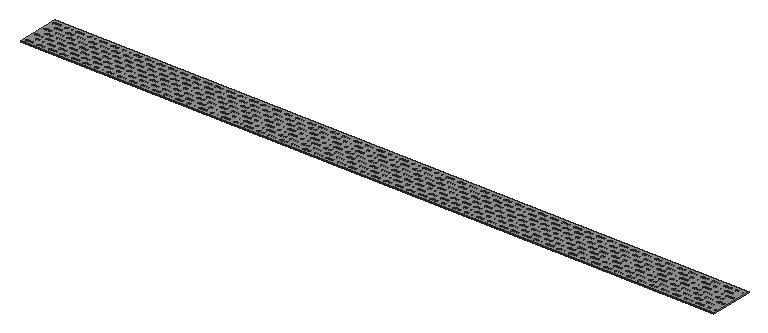
Revit family "Einlegeblech_185_FS_FT_DD_A2", category Generic Models, Revit 2017
Family settings
  Can host rebar = No
  Round Connector Dimension = Use Diameter
  Part Type = Normal
  Work Plane-Based = No
  Always vertical = Yes
  Cut with Voids When Loaded = No
  Shared = No
  Room Calculation Point = No
Parameters (values of type "ELB-L 20 DD")
  Width = 185 mm
  URL = "http:/www.obo-bettermann.com"
  Material = Strip galvanised zinc/aluminium, Double Dip
  Manufacturer Art.No. = "6103352"
  Manufacturer = "OBO Bettermann"
  Length = 3000 mm
  GTIN = "4012196029150"
  Cut's space = 50 mm
  Cut's number 4 = 3
  Cut's number 3 = 2
  Cut's number 2 = Length / Cut's space  # 60
  Cut's number = (Length / Cut's space) - 1  # 59
  Article Type = "ELB-L 20 DD"
Reference planes
  plane 1 "Center (Front/Back)": y = 0
  plane 2: z = 0
  plane 3 "Center (Left/Right)": x = 0
Forms (mm)
  Extrusion 1, solid, material "Strip galvanised zinc/aluminium, Double Dip" <- "Material"
    sketch origin (0, 0, 0) x (1, 0, 0) y (0, 1, 0)
      loop
        line (0, 185) -> (0, 0) -> (3000, 0) -> (3000, 185) -> (0, 185)
    from 0 to 1.15
  Extrusion 2, void
    sketch origin (0, 0, 0) x (1, 0, 0) y (0, 1, 0)
      loop
        arc (37.5, 96) -> (34, 92.5) -> (37.5, 89) r 3.5
        line (37.5, 89) -> (62.5, 89)
        arc (62.5, 89) -> (66, 92.5) -> (62.5, 96) r 3.5
        line (62.5, 96) -> (37.5, 96)
    from 0 to 1.15
  Extrusion 3, void
    sketch origin (50, 0, 0) x (1, 0, 0) y (0, 1, 0)
      loop
        arc (37.5, 96) -> (34, 92.5) -> (37.5, 89) r 3.5
        line (37.5, 89) -> (62.5, 89)
        arc (62.5, 89) -> (66, 92.5) -> (62.5, 96) r 3.5
        line (62.5, 96) -> (37.5, 96)
    from 0 to 1.15
  Extrusion 4, void
    sketch origin (100, 0, 0) x (1, 0, 0) y (0, 1, 0)
      loop
        arc (37.5, 96) -> (34, 92.5) -> (37.5, 89) r 3.5
        line (37.5, 89) -> (62.5, 89)
        arc (62.5, 89) -> (66, 92.5) -> (62.5, 96) r 3.5
        line (62.5, 96) -> (37.5, 96)
    from 0 to 1.15
  Extrusion 5, void
    sketch origin (150, 0, 0) x (1, 0, 0) y (0, 1, 0)
      loop
        arc (37.5, 96) -> (34, 92.5) -> (37.5, 89) r 3.5
        line (37.5, 89) -> (62.5, 89)
        arc (62.5, 89) -> (66, 92.5) -> (62.5, 96) r 3.5
        line (62.5, 96) -> (37.5, 96)
    from 0 to 1.15
  Extrusion 6, void
    sketch origin (200, 0, 0) x (1, 0, 0) y (0, 1, 0)
      loop
        arc (37.5, 96) -> (34, 92.5) -> (37.5, 89) r 3.5
        line (37.5, 89) -> (62.5, 89)
        arc (62.5, 89) -> (66, 92.5) -> (62.5, 96) r 3.5
        line (62.5, 96) -> (37.5, 96)
    from 0 to 1.15
  Extrusion 7, void
    sketch origin (250, 0, 0) x (1, 0, 0) y (0, 1, 0)
      loop
        arc (37.5, 96) -> (34, 92.5) -> (37.5, 89) r 3.5
        line (37.5, 89) -> (62.5, 89)
        arc (62.5, 89) -> (66, 92.5) -> (62.5, 96) r 3.5
        line (62.5, 96) -> (37.5, 96)
    from 0 to 1.15
  Extrusion 8, void
    sketch origin (300, 0, 0) x (1, 0, 0) y (0, 1, 0)
      loop
        arc (37.5, 96) -> (34, 92.5) -> (37.5, 89) r 3.5
        line (37.5, 89) -> (62.5, 89)
        arc (62.5, 89) -> (66, 92.5) -> (62.5, 96) r 3.5
        line (62.5, 96) -> (37.5, 96)
    from 0 to 1.15
  Extrusion 9, void
    sketch origin (350, 0, 0) x (1, 0, 0) y (0, 1, 0)
      loop
        arc (37.5, 96) -> (34, 92.5) -> (37.5, 89) r 3.5
        line (37.5, 89) -> (62.5, 89)
        arc (62.5, 89) -> (66, 92.5) -> (62.5, 96) r 3.5
        line (62.5, 96) -> (37.5, 96)
    from 0 to 1.15
  Extrusion 10, void
    sketch origin (400, 0, 0) x (1, 0, 0) y (0, 1, 0)
      loop
        arc (37.5, 96) -> (34, 92.5) -> (37.5, 89) r 3.5
        line (37.5, 89) -> (62.5, 89)
        arc (62.5, 89) -> (66, 92.5) -> (62.5, 96) r 3.5
        line (62.5, 96) -> (37.5, 96)
    from 0 to 1.15
  Extrusion 11, void
    sketch origin (450, 0, 0) x (1, 0, 0) y (0, 1, 0)
      loop
        arc (37.5, 96) -> (34, 92.5) -> (37.5, 89) r 3.5
        line (37.5, 89) -> (62.5, 89)
        arc (62.5, 89) -> (66, 92.5) -> (62.5, 96) r 3.5
        line (62.5, 96) -> (37.5, 96)
    from 0 to 1.15
  Extrusion 12, void
    sketch origin (500, 0, 0) x (1, 0, 0) y (0, 1, 0)
      loop
        arc (37.5, 96) -> (34, 92.5) -> (37.5, 89) r 3.5
        line (37.5, 89) -> (62.5, 89)
        arc (62.5, 89) -> (66, 92.5) -> (62.5, 96) r 3.5
        line (62.5, 96) -> (37.5, 96)
    from 0 to 1.15
  Extrusion 13, void
    sketch origin (550, 0, 0) x (1, 0, 0) y (0, 1, 0)
      loop
        arc (37.5, 96) -> (34, 92.5) -> (37.5, 89) r 3.5
        line (37.5, 89) -> (62.5, 89)
        arc (62.5, 89) -> (66, 92.5) -> (62.5, 96) r 3.5
        line (62.5, 96) -> (37.5, 96)
    from 0 to 1.15
  Extrusion 14, void
    sketch origin (600, 0, 0) x (1, 0, 0) y (0, 1, 0)
      loop
        arc (37.5, 96) -> (34, 92.5) -> (37.5, 89) r 3.5
        line (37.5, 89) -> (62.5, 89)
        arc (62.5, 89) -> (66, 92.5) -> (62.5, 96) r 3.5
        line (62.5, 96) -> (37.5, 96)
    from 0 to 1.15
  Extrusion 15, void
    sketch origin (650, 0, 0) x (1, 0, 0) y (0, 1, 0)
      loop
        arc (37.5, 96) -> (34, 92.5) -> (37.5, 89) r 3.5
        line (37.5, 89) -> (62.5, 89)
        arc (62.5, 89) -> (66, 92.5) -> (62.5, 96) r 3.5
        line (62.5, 96) -> (37.5, 96)
    from 0 to 1.15
  Extrusion 16, void
    sketch origin (700, 0, 0) x (1, 0, 0) y (0, 1, 0)
      loop
        arc (37.5, 96) -> (34, 92.5) -> (37.5, 89) r 3.5
        line (37.5, 89) -> (62.5, 89)
        arc (62.5, 89) -> (66, 92.5) -> (62.5, 96) r 3.5
        line (62.5, 96) -> (37.5, 96)
    from 0 to 1.15
  Extrusion 17, void
    sketch origin (750, 0, 0) x (1, 0, 0) y (0, 1, 0)
      loop
        arc (37.5, 96) -> (34, 92.5) -> (37.5, 89) r 3.5
        line (37.5, 89) -> (62.5, 89)
        arc (62.5, 89) -> (66, 92.5) -> (62.5, 96) r 3.5
        line (62.5, 96) -> (37.5, 96)
    from 0 to 1.15
  Extrusion 18, void
    sketch origin (800, 0, 0) x (1, 0, 0) y (0, 1, 0)
      loop
        arc (37.5, 96) -> (34, 92.5) -> (37.5, 89) r 3.5
        line (37.5, 89) -> (62.5, 89)
        arc (62.5, 89) -> (66, 92.5) -> (62.5, 96) r 3.5
        line (62.5, 96) -> (37.5, 96)
    from 0 to 1.15
  Extrusion 19, void
    sketch origin (850, 0, 0) x (1, 0, 0) y (0, 1, 0)
      loop
        arc (37.5, 96) -> (34, 92.5) -> (37.5, 89) r 3.5
        line (37.5, 89) -> (62.5, 89)
        arc (62.5, 89) -> (66, 92.5) -> (62.5, 96) r 3.5
        line (62.5, 96) -> (37.5, 96)
    from 0 to 1.15
  Extrusion 20, void
    sketch origin (900, 0, 0) x (1, 0, 0) y (0, 1, 0)
      loop
        arc (37.5, 96) -> (34, 92.5) -> (37.5, 89) r 3.5
        line (37.5, 89) -> (62.5, 89)
        arc (62.5, 89) -> (66, 92.5) -> (62.5, 96) r 3.5
        line (62.5, 96) -> (37.5, 96)
    from 0 to 1.15
  Extrusion 21, void
    sketch origin (950, 0, 0) x (1, 0, 0) y (0, 1, 0)
      loop
        arc (37.5, 96) -> (34, 92.5) -> (37.5, 89) r 3.5
        line (37.5, 89) -> (62.5, 89)
        arc (62.5, 89) -> (66, 92.5) -> (62.5, 96) r 3.5
        line (62.5, 96) -> (37.5, 96)
    from 0 to 1.15
  Extrusion 22, void
    sketch origin (1000, 0, 0) x (1, 0, 0) y (0, 1, 0)
      loop
        arc (37.5, 96) -> (34, 92.5) -> (37.5, 89) r 3.5
        line (37.5, 89) -> (62.5, 89)
        arc (62.5, 89) -> (66, 92.5) -> (62.5, 96) r 3.5
        line (62.5, 96) -> (37.5, 96)
    from 0 to 1.15
  Extrusion 23, void
    sketch origin (1050, 0, 0) x (1, 0, 0) y (0, 1, 0)
      loop
        arc (37.5, 96) -> (34, 92.5) -> (37.5, 89) r 3.5
        line (37.5, 89) -> (62.5, 89)
        arc (62.5, 89) -> (66, 92.5) -> (62.5, 96) r 3.5
        line (62.5, 96) -> (37.5, 96)
    from 0 to 1.15
  Extrusion 24, void
    sketch origin (1100, 0, 0) x (1, 0, 0) y (0, 1, 0)
      loop
        arc (37.5, 96) -> (34, 92.5) -> (37.5, 89) r 3.5
        line (37.5, 89) -> (62.5, 89)
        arc (62.5, 89) -> (66, 92.5) -> (62.5, 96) r 3.5
        line (62.5, 96) -> (37.5, 96)
    from 0 to 1.15
  Extrusion 25, void
    sketch origin (1150, 0, 0) x (1, 0, 0) y (0, 1, 0)
      loop
        arc (37.5, 96) -> (34, 92.5) -> (37.5, 89) r 3.5
        line (37.5, 89) -> (62.5, 89)
        arc (62.5, 89) -> (66, 92.5) -> (62.5, 96) r 3.5
        line (62.5, 96) -> (37.5, 96)
    from 0 to 1.15
  Extrusion 26, void
    sketch origin (1200, 0, 0) x (1, 0, 0) y (0, 1, 0)
      loop
        arc (37.5, 96) -> (34, 92.5) -> (37.5, 89) r 3.5
        line (37.5, 89) -> (62.5, 89)
        arc (62.5, 89) -> (66, 92.5) -> (62.5, 96) r 3.5
        line (62.5, 96) -> (37.5, 96)
    from 0 to 1.15
  Extrusion 27, void
    sketch origin (1250, 0, 0) x (1, 0, 0) y (0, 1, 0)
      loop
        arc (37.5, 96) -> (34, 92.5) -> (37.5, 89) r 3.5
        line (37.5, 89) -> (62.5, 89)
        arc (62.5, 89) -> (66, 92.5) -> (62.5, 96) r 3.5
        line (62.5, 96) -> (37.5, 96)
    from 0 to 1.15
  Extrusion 28, void
    sketch origin (1300, 0, 0) x (1, 0, 0) y (0, 1, 0)
      loop
        arc (37.5, 96) -> (34, 92.5) -> (37.5, 89) r 3.5
        line (37.5, 89) -> (62.5, 89)
        arc (62.5, 89) -> (66, 92.5) -> (62.5, 96) r 3.5
        line (62.5, 96) -> (37.5, 96)
    from 0 to 1.15
  Extrusion 29, void
    sketch origin (1350, 0, 0) x (1, 0, 0) y (0, 1, 0)
      loop
        arc (37.5, 96) -> (34, 92.5) -> (37.5, 89) r 3.5
        line (37.5, 89) -> (62.5, 89)
        arc (62.5, 89) -> (66, 92.5) -> (62.5, 96) r 3.5
        line (62.5, 96) -> (37.5, 96)
    from 0 to 1.15
  Extrusion 30, void
    sketch origin (1400, 0, 0) x (1, 0, 0) y (0, 1, 0)
      loop
        arc (37.5, 96) -> (34, 92.5) -> (37.5, 89) r 3.5
        line (37.5, 89) -> (62.5, 89)
        arc (62.5, 89) -> (66, 92.5) -> (62.5, 96) r 3.5
        line (62.5, 96) -> (37.5, 96)
    from 0 to 1.15
  Extrusion 31, void
    sketch origin (1450, 0, 0) x (1, 0, 0) y (0, 1, 0)
      loop
        arc (37.5, 96) -> (34, 92.5) -> (37.5, 89) r 3.5
        line (37.5, 89) -> (62.5, 89)
        arc (62.5, 89) -> (66, 92.5) -> (62.5, 96) r 3.5
        line (62.5, 96) -> (37.5, 96)
    from 0 to 1.15
  Extrusion 32, void
    sketch origin (1500, 0, 0) x (1, 0, 0) y (0, 1, 0)
      loop
        arc (37.5, 96) -> (34, 92.5) -> (37.5, 89) r 3.5
        line (37.5, 89) -> (62.5, 89)
        arc (62.5, 89) -> (66, 92.5) -> (62.5, 96) r 3.5
        line (62.5, 96) -> (37.5, 96)
    from 0 to 1.15
  Extrusion 33, void
    sketch origin (1550, 0, 0) x (1, 0, 0) y (0, 1, 0)
      loop
        arc (37.5, 96) -> (34, 92.5) -> (37.5, 89) r 3.5
        line (37.5, 89) -> (62.5, 89)
        arc (62.5, 89) -> (66, 92.5) -> (62.5, 96) r 3.5
        line (62.5, 96) -> (37.5, 96)
    from 0 to 1.15
  Extrusion 34, void
    sketch origin (1600, 0, 0) x (1, 0, 0) y (0, 1, 0)
      loop
        arc (37.5, 96) -> (34, 92.5) -> (37.5, 89) r 3.5
        line (37.5, 89) -> (62.5, 89)
        arc (62.5, 89) -> (66, 92.5) -> (62.5, 96) r 3.5
        line (62.5, 96) -> (37.5, 96)
    from 0 to 1.15
  Extrusion 35, void
    sketch origin (1650, 0, 0) x (1, 0, 0) y (0, 1, 0)
      loop
        arc (37.5, 96) -> (34, 92.5) -> (37.5, 89) r 3.5
        line (37.5, 89) -> (62.5, 89)
        arc (62.5, 89) -> (66, 92.5) -> (62.5, 96) r 3.5
        line (62.5, 96) -> (37.5, 96)
    from 0 to 1.15
  Extrusion 36, void
    sketch origin (1700, 0, 0) x (1, 0, 0) y (0, 1, 0)
      loop
        arc (37.5, 96) -> (34, 92.5) -> (37.5, 89) r 3.5
        line (37.5, 89) -> (62.5, 89)
        arc (62.5, 89) -> (66, 92.5) -> (62.5, 96) r 3.5
        line (62.5, 96) -> (37.5, 96)
    from 0 to 1.15
  Extrusion 37, void
    sketch origin (1750, 0, 0) x (1, 0, 0) y (0, 1, 0)
      loop
        arc (37.5, 96) -> (34, 92.5) -> (37.5, 89) r 3.5
        line (37.5, 89) -> (62.5, 89)
        arc (62.5, 89) -> (66, 92.5) -> (62.5, 96) r 3.5
        line (62.5, 96) -> (37.5, 96)
    from 0 to 1.15
  Extrusion 38, void
    sketch origin (1800, 0, 0) x (1, 0, 0) y (0, 1, 0)
      loop
        arc (37.5, 96) -> (34, 92.5) -> (37.5, 89) r 3.5
        line (37.5, 89) -> (62.5, 89)
        arc (62.5, 89) -> (66, 92.5) -> (62.5, 96) r 3.5
        line (62.5, 96) -> (37.5, 96)
    from 0 to 1.15
  Extrusion 39, void
    sketch origin (1850, 0, 0) x (1, 0, 0) y (0, 1, 0)
      loop
        arc (37.5, 96) -> (34, 92.5) -> (37.5, 89) r 3.5
        line (37.5, 89) -> (62.5, 89)
        arc (62.5, 89) -> (66, 92.5) -> (62.5, 96) r 3.5
        line (62.5, 96) -> (37.5, 96)
    from 0 to 1.15
  Extrusion 40, void
    sketch origin (1900, 0, 0) x (1, 0, 0) y (0, 1, 0)
      loop
        arc (37.5, 96) -> (34, 92.5) -> (37.5, 89) r 3.5
        line (37.5, 89) -> (62.5, 89)
        arc (62.5, 89) -> (66, 92.5) -> (62.5, 96) r 3.5
        line (62.5, 96) -> (37.5, 96)
    from 0 to 1.15
  Extrusion 41, void
    sketch origin (1950, 0, 0) x (1, 0, 0) y (0, 1, 0)
      loop
        arc (37.5, 96) -> (34, 92.5) -> (37.5, 89) r 3.5
        line (37.5, 89) -> (62.5, 89)
        arc (62.5, 89) -> (66, 92.5) -> (62.5, 96) r 3.5
        line (62.5, 96) -> (37.5, 96)
    from 0 to 1.15
  Extrusion 42, void
    sketch origin (2000, 0, 0) x (1, 0, 0) y (0, 1, 0)
      loop
        arc (37.5, 96) -> (34, 92.5) -> (37.5, 89) r 3.5
        line (37.5, 89) -> (62.5, 89)
        arc (62.5, 89) -> (66, 92.5) -> (62.5, 96) r 3.5
        line (62.5, 96) -> (37.5, 96)
    from 0 to 1.15
  Extrusion 43, void
    sketch origin (2050, 0, 0) x (1, 0, 0) y (0, 1, 0)
      loop
        arc (37.5, 96) -> (34, 92.5) -> (37.5, 89) r 3.5
        line (37.5, 89) -> (62.5, 89)
        arc (62.5, 89) -> (66, 92.5) -> (62.5, 96) r 3.5
        line (62.5, 96) -> (37.5, 96)
    from 0 to 1.15
  Extrusion 44, void
    sketch origin (2100, 0, 0) x (1, 0, 0) y (0, 1, 0)
      loop
        arc (37.5, 96) -> (34, 92.5) -> (37.5, 89) r 3.5
        line (37.5, 89) -> (62.5, 89)
        arc (62.5, 89) -> (66, 92.5) -> (62.5, 96) r 3.5
        line (62.5, 96) -> (37.5, 96)
    from 0 to 1.15
  Extrusion 45, void
    sketch origin (2150, 0, 0) x (1, 0, 0) y (0, 1, 0)
      loop
        arc (37.5, 96) -> (34, 92.5) -> (37.5, 89) r 3.5
        line (37.5, 89) -> (62.5, 89)
        arc (62.5, 89) -> (66, 92.5) -> (62.5, 96) r 3.5
        line (62.5, 96) -> (37.5, 96)
    from 0 to 1.15
  Extrusion 46, void
    sketch origin (2200, 0, 0) x (1, 0, 0) y (0, 1, 0)
      loop
        arc (37.5, 96) -> (34, 92.5) -> (37.5, 89) r 3.5
        line (37.5, 89) -> (62.5, 89)
        arc (62.5, 89) -> (66, 92.5) -> (62.5, 96) r 3.5
        line (62.5, 96) -> (37.5, 96)
    from 0 to 1.15
  Extrusion 47, void
    sketch origin (2250, 0, 0) x (1, 0, 0) y (0, 1, 0)
      loop
        arc (37.5, 96) -> (34, 92.5) -> (37.5, 89) r 3.5
        line (37.5, 89) -> (62.5, 89)
        arc (62.5, 89) -> (66, 92.5) -> (62.5, 96) r 3.5
        line (62.5, 96) -> (37.5, 96)
    from 0 to 1.15
  Extrusion 48, void
    sketch origin (2300, 0, 0) x (1, 0, 0) y (0, 1, 0)
      loop
        arc (37.5, 96) -> (34, 92.5) -> (37.5, 89) r 3.5
        line (37.5, 89) -> (62.5, 89)
        arc (62.5, 89) -> (66, 92.5) -> (62.5, 96) r 3.5
        line (62.5, 96) -> (37.5, 96)
    from 0 to 1.15
  Extrusion 49, void
    sketch origin (2350, 0, 0) x (1, 0, 0) y (0, 1, 0)
      loop
        arc (37.5, 96) -> (34, 92.5) -> (37.5, 89) r 3.5
        line (37.5, 89) -> (62.5, 89)
        arc (62.5, 89) -> (66, 92.5) -> (62.5, 96) r 3.5
        line (62.5, 96) -> (37.5, 96)
    from 0 to 1.15
  Extrusion 50, void
    sketch origin (2400, 0, 0) x (1, 0, 0) y (0, 1, 0)
      loop
        arc (37.5, 96) -> (34, 92.5) -> (37.5, 89) r 3.5
        line (37.5, 89) -> (62.5, 89)
        arc (62.5, 89) -> (66, 92.5) -> (62.5, 96) r 3.5
        line (62.5, 96) -> (37.5, 96)
    from 0 to 1.15
  Extrusion 51, void
    sketch origin (2450, 0, 0) x (1, 0, 0) y (0, 1, 0)
      loop
        arc (37.5, 96) -> (34, 92.5) -> (37.5, 89) r 3.5
        line (37.5, 89) -> (62.5, 89)
        arc (62.5, 89) -> (66, 92.5) -> (62.5, 96) r 3.5
        line (62.5, 96) -> (37.5, 96)
    from 0 to 1.15
  Extrusion 52, void
    sketch origin (2500, 0, 0) x (1, 0, 0) y (0, 1, 0)
      loop
        arc (37.5, 96) -> (34, 92.5) -> (37.5, 89) r 3.5
        line (37.5, 89) -> (62.5, 89)
        arc (62.5, 89) -> (66, 92.5) -> (62.5, 96) r 3.5
        line (62.5, 96) -> (37.5, 96)
    from 0 to 1.15
  Extrusion 53, void
    sketch origin (2550, 0, 0) x (1, 0, 0) y (0, 1, 0)
      loop
        arc (37.5, 96) -> (34, 92.5) -> (37.5, 89) r 3.5
        line (37.5, 89) -> (62.5, 89)
        arc (62.5, 89) -> (66, 92.5) -> (62.5, 96) r 3.5
        line (62.5, 96) -> (37.5, 96)
    from 0 to 1.15
  Extrusion 54, void
    sketch origin (2600, 0, 0) x (1, 0, 0) y (0, 1, 0)
      loop
        arc (37.5, 96) -> (34, 92.5) -> (37.5, 89) r 3.5
        line (37.5, 89) -> (62.5, 89)
        arc (62.5, 89) -> (66, 92.5) -> (62.5, 96) r 3.5
        line (62.5, 96) -> (37.5, 96)
    from 0 to 1.15
  Extrusion 55, void
    sketch origin (2650, 0, 0) x (1, 0, 0) y (0, 1, 0)
      loop
        arc (37.5, 96) -> (34, 92.5) -> (37.5, 89) r 3.5
        line (37.5, 89) -> (62.5, 89)
        arc (62.5, 89) -> (66, 92.5) -> (62.5, 96) r 3.5
        line (62.5, 96) -> (37.5, 96)
    from 0 to 1.15
  Extrusion 56, void
    sketch origin (2700, 0, 0) x (1, 0, 0) y (0, 1, 0)
      loop
        arc (37.5, 96) -> (34, 92.5) -> (37.5, 89) r 3.5
        line (37.5, 89) -> (62.5, 89)
        arc (62.5, 89) -> (66, 92.5) -> (62.5, 96) r 3.5
        line (62.5, 96) -> (37.5, 96)
    from 0 to 1.15
  Extrusion 57, void
    sketch origin (2750, 0, 0) x (1, 0, 0) y (0, 1, 0)
      loop
        arc (37.5, 96) -> (34, 92.5) -> (37.5, 89) r 3.5
        line (37.5, 89) -> (62.5, 89)
        arc (62.5, 89) -> (66, 92.5) -> (62.5, 96) r 3.5
        line (62.5, 96) -> (37.5, 96)
    from 0 to 1.15
  Extrusion 58, void
    sketch origin (2800, 0, 0) x (1, 0, 0) y (0, 1, 0)
      loop
        arc (37.5, 96) -> (34, 92.5) -> (37.5, 89) r 3.5
        line (37.5, 89) -> (62.5, 89)
        arc (62.5, 89) -> (66, 92.5) -> (62.5, 96) r 3.5
        line (62.5, 96) -> (37.5, 96)
    from 0 to 1.15
  Extrusion 59, void
    sketch origin (2850, 0, 0) x (1, 0, 0) y (0, 1, 0)
      loop
        arc (37.5, 96) -> (34, 92.5) -> (37.5, 89) r 3.5
        line (37.5, 89) -> (62.5, 89)
        arc (62.5, 89) -> (66, 92.5) -> (62.5, 96) r 3.5
        line (62.5, 96) -> (37.5, 96)
    from 0 to 1.15
  Extrusion 60, void
    sketch origin (2900, 0, 0) x (1, 0, 0) y (0, 1, 0)
      loop
        arc (37.5, 96) -> (34, 92.5) -> (37.5, 89) r 3.5
        line (37.5, 89) -> (62.5, 89)
        arc (62.5, 89) -> (66, 92.5) -> (62.5, 96) r 3.5
        line (62.5, 96) -> (37.5, 96)
    from 0 to 1.15
  Extrusion 61, void
    sketch origin (0, 50, 0) x (1, 0, 0) y (0, 1, 0)
      loop
        arc (37.5, 96) -> (34, 92.5) -> (37.5, 89) r 3.5
        line (37.5, 89) -> (62.5, 89)
        arc (62.5, 89) -> (66, 92.5) -> (62.5, 96) r 3.5
        line (62.5, 96) -> (37.5, 96)
    from 0 to 1.15
  Extrusion 62, void
    sketch origin (0, -50, 0) x (1, 0, 0) y (0, 1, 0)
      loop
        arc (37.5, 96) -> (34, 92.5) -> (37.5, 89) r 3.5
        line (37.5, 89) -> (62.5, 89)
        arc (62.5, 89) -> (66, 92.5) -> (62.5, 96) r 3.5
        line (62.5, 96) -> (37.5, 96)
    from 0 to 1.15
  Extrusion 63, void
    sketch origin (50, 50, 0) x (1, 0, 0) y (0, 1, 0)
      loop
        arc (37.5, 96) -> (34, 92.5) -> (37.5, 89) r 3.5
        line (37.5, 89) -> (62.5, 89)
        arc (62.5, 89) -> (66, 92.5) -> (62.5, 96) r 3.5
        line (62.5, 96) -> (37.5, 96)
    from 0 to 1.15
  Extrusion 64, void
    sketch origin (100, 50, 0) x (1, 0, 0) y (0, 1, 0)
      loop
        arc (37.5, 96) -> (34, 92.5) -> (37.5, 89) r 3.5
        line (37.5, 89) -> (62.5, 89)
        arc (62.5, 89) -> (66, 92.5) -> (62.5, 96) r 3.5
        line (62.5, 96) -> (37.5, 96)
    from 0 to 1.15
  Extrusion 65, void
    sketch origin (150, 50, 0) x (1, 0, 0) y (0, 1, 0)
      loop
        arc (37.5, 96) -> (34, 92.5) -> (37.5, 89) r 3.5
        line (37.5, 89) -> (62.5, 89)
        arc (62.5, 89) -> (66, 92.5) -> (62.5, 96) r 3.5
        line (62.5, 96) -> (37.5, 96)
    from 0 to 1.15
  Extrusion 66, void
    sketch origin (200, 50, 0) x (1, 0, 0) y (0, 1, 0)
      loop
        arc (37.5, 96) -> (34, 92.5) -> (37.5, 89) r 3.5
        line (37.5, 89) -> (62.5, 89)
        arc (62.5, 89) -> (66, 92.5) -> (62.5, 96) r 3.5
        line (62.5, 96) -> (37.5, 96)
    from 0 to 1.15
  Extrusion 67, void
    sketch origin (250, 50, 0) x (1, 0, 0) y (0, 1, 0)
      loop
        arc (37.5, 96) -> (34, 92.5) -> (37.5, 89) r 3.5
        line (37.5, 89) -> (62.5, 89)
        arc (62.5, 89) -> (66, 92.5) -> (62.5, 96) r 3.5
        line (62.5, 96) -> (37.5, 96)
    from 0 to 1.15
  Extrusion 68, void
    sketch origin (300, 50, 0) x (1, 0, 0) y (0, 1, 0)
      loop
        arc (37.5, 96) -> (34, 92.5) -> (37.5, 89) r 3.5
        line (37.5, 89) -> (62.5, 89)
        arc (62.5, 89) -> (66, 92.5) -> (62.5, 96) r 3.5
        line (62.5, 96) -> (37.5, 96)
    from 0 to 1.15
  Extrusion 69, void
    sketch origin (350, 50, 0) x (1, 0, 0) y (0, 1, 0)
      loop
        arc (37.5, 96) -> (34, 92.5) -> (37.5, 89) r 3.5
        line (37.5, 89) -> (62.5, 89)
        arc (62.5, 89) -> (66, 92.5) -> (62.5, 96) r 3.5
        line (62.5, 96) -> (37.5, 96)
    from 0 to 1.15
  Extrusion 70, void
    sketch origin (400, 50, 0) x (1, 0, 0) y (0, 1, 0)
      loop
        arc (37.5, 96) -> (34, 92.5) -> (37.5, 89) r 3.5
        line (37.5, 89) -> (62.5, 89)
        arc (62.5, 89) -> (66, 92.5) -> (62.5, 96) r 3.5
        line (62.5, 96) -> (37.5, 96)
    from 0 to 1.15
  Extrusion 71, void
    sketch origin (450, 50, 0) x (1, 0, 0) y (0, 1, 0)
      loop
        arc (37.5, 96) -> (34, 92.5) -> (37.5, 89) r 3.5
        line (37.5, 89) -> (62.5, 89)
        arc (62.5, 89) -> (66, 92.5) -> (62.5, 96) r 3.5
        line (62.5, 96) -> (37.5, 96)
    from 0 to 1.15
  Extrusion 72, void
    sketch origin (500, 50, 0) x (1, 0, 0) y (0, 1, 0)
      loop
        arc (37.5, 96) -> (34, 92.5) -> (37.5, 89) r 3.5
        line (37.5, 89) -> (62.5, 89)
        arc (62.5, 89) -> (66, 92.5) -> (62.5, 96) r 3.5
        line (62.5, 96) -> (37.5, 96)
    from 0 to 1.15
  Extrusion 73, void
    sketch origin (550, 50, 0) x (1, 0, 0) y (0, 1, 0)
      loop
        arc (37.5, 96) -> (34, 92.5) -> (37.5, 89) r 3.5
        line (37.5, 89) -> (62.5, 89)
        arc (62.5, 89) -> (66, 92.5) -> (62.5, 96) r 3.5
        line (62.5, 96) -> (37.5, 96)
    from 0 to 1.15
  Extrusion 74, void
    sketch origin (600, 50, 0) x (1, 0, 0) y (0, 1, 0)
      loop
        arc (37.5, 96) -> (34, 92.5) -> (37.5, 89) r 3.5
        line (37.5, 89) -> (62.5, 89)
        arc (62.5, 89) -> (66, 92.5) -> (62.5, 96) r 3.5
        line (62.5, 96) -> (37.5, 96)
    from 0 to 1.15
  Extrusion 75, void
    sketch origin (650, 50, 0) x (1, 0, 0) y (0, 1, 0)
      loop
        arc (37.5, 96) -> (34, 92.5) -> (37.5, 89) r 3.5
        line (37.5, 89) -> (62.5, 89)
        arc (62.5, 89) -> (66, 92.5) -> (62.5, 96) r 3.5
        line (62.5, 96) -> (37.5, 96)
    from 0 to 1.15
  Extrusion 76, void
    sketch origin (700, 50, 0) x (1, 0, 0) y (0, 1, 0)
      loop
        arc (37.5, 96) -> (34, 92.5) -> (37.5, 89) r 3.5
        line (37.5, 89) -> (62.5, 89)
        arc (62.5, 89) -> (66, 92.5) -> (62.5, 96) r 3.5
        line (62.5, 96) -> (37.5, 96)
    from 0 to 1.15
  Extrusion 77, void
    sketch origin (750, 50, 0) x (1, 0, 0) y (0, 1, 0)
      loop
        arc (37.5, 96) -> (34, 92.5) -> (37.5, 89) r 3.5
        line (37.5, 89) -> (62.5, 89)
        arc (62.5, 89) -> (66, 92.5) -> (62.5, 96) r 3.5
        line (62.5, 96) -> (37.5, 96)
    from 0 to 1.15
  Extrusion 78, void
    sketch origin (800, 50, 0) x (1, 0, 0) y (0, 1, 0)
      loop
        arc (37.5, 96) -> (34, 92.5) -> (37.5, 89) r 3.5
        line (37.5, 89) -> (62.5, 89)
        arc (62.5, 89) -> (66, 92.5) -> (62.5, 96) r 3.5
        line (62.5, 96) -> (37.5, 96)
    from 0 to 1.15
  Extrusion 79, void
    sketch origin (850, 50, 0) x (1, 0, 0) y (0, 1, 0)
      loop
        arc (37.5, 96) -> (34, 92.5) -> (37.5, 89) r 3.5
        line (37.5, 89) -> (62.5, 89)
        arc (62.5, 89) -> (66, 92.5) -> (62.5, 96) r 3.5
        line (62.5, 96) -> (37.5, 96)
    from 0 to 1.15
  Extrusion 80, void
    sketch origin (900, 50, 0) x (1, 0, 0) y (0, 1, 0)
      loop
        arc (37.5, 96) -> (34, 92.5) -> (37.5, 89) r 3.5
        line (37.5, 89) -> (62.5, 89)
        arc (62.5, 89) -> (66, 92.5) -> (62.5, 96) r 3.5
        line (62.5, 96) -> (37.5, 96)
    from 0 to 1.15
  Extrusion 81, void
    sketch origin (950, 50, 0) x (1, 0, 0) y (0, 1, 0)
      loop
        arc (37.5, 96) -> (34, 92.5) -> (37.5, 89) r 3.5
        line (37.5, 89) -> (62.5, 89)
        arc (62.5, 89) -> (66, 92.5) -> (62.5, 96) r 3.5
        line (62.5, 96) -> (37.5, 96)
    from 0 to 1.15
  Extrusion 82, void
    sketch origin (1000, 50, 0) x (1, 0, 0) y (0, 1, 0)
      loop
        arc (37.5, 96) -> (34, 92.5) -> (37.5, 89) r 3.5
        line (37.5, 89) -> (62.5, 89)
        arc (62.5, 89) -> (66, 92.5) -> (62.5, 96) r 3.5
        line (62.5, 96) -> (37.5, 96)
    from 0 to 1.15
  Extrusion 83, void
    sketch origin (1050, 50, 0) x (1, 0, 0) y (0, 1, 0)
      loop
        arc (37.5, 96) -> (34, 92.5) -> (37.5, 89) r 3.5
        line (37.5, 89) -> (62.5, 89)
        arc (62.5, 89) -> (66, 92.5) -> (62.5, 96) r 3.5
        line (62.5, 96) -> (37.5, 96)
    from 0 to 1.15
  Extrusion 84, void
    sketch origin (1100, 50, 0) x (1, 0, 0) y (0, 1, 0)
      loop
        arc (37.5, 96) -> (34, 92.5) -> (37.5, 89) r 3.5
        line (37.5, 89) -> (62.5, 89)
        arc (62.5, 89) -> (66, 92.5) -> (62.5, 96) r 3.5
        line (62.5, 96) -> (37.5, 96)
    from 0 to 1.15
  Extrusion 85, void
    sketch origin (1150, 50, 0) x (1, 0, 0) y (0, 1, 0)
      loop
        arc (37.5, 96) -> (34, 92.5) -> (37.5, 89) r 3.5
        line (37.5, 89) -> (62.5, 89)
        arc (62.5, 89) -> (66, 92.5) -> (62.5, 96) r 3.5
        line (62.5, 96) -> (37.5, 96)
    from 0 to 1.15
  Extrusion 86, void
    sketch origin (1200, 50, 0) x (1, 0, 0) y (0, 1, 0)
      loop
        arc (37.5, 96) -> (34, 92.5) -> (37.5, 89) r 3.5
        line (37.5, 89) -> (62.5, 89)
        arc (62.5, 89) -> (66, 92.5) -> (62.5, 96) r 3.5
        line (62.5, 96) -> (37.5, 96)
    from 0 to 1.15
  Extrusion 87, void
    sketch origin (1250, 50, 0) x (1, 0, 0) y (0, 1, 0)
      loop
        arc (37.5, 96) -> (34, 92.5) -> (37.5, 89) r 3.5
        line (37.5, 89) -> (62.5, 89)
        arc (62.5, 89) -> (66, 92.5) -> (62.5, 96) r 3.5
        line (62.5, 96) -> (37.5, 96)
    from 0 to 1.15
  Extrusion 88, void
    sketch origin (1300, 50, 0) x (1, 0, 0) y (0, 1, 0)
      loop
        arc (37.5, 96) -> (34, 92.5) -> (37.5, 89) r 3.5
        line (37.5, 89) -> (62.5, 89)
        arc (62.5, 89) -> (66, 92.5) -> (62.5, 96) r 3.5
        line (62.5, 96) -> (37.5, 96)
    from 0 to 1.15
  Extrusion 89, void
    sketch origin (1350, 50, 0) x (1, 0, 0) y (0, 1, 0)
      loop
        arc (37.5, 96) -> (34, 92.5) -> (37.5, 89) r 3.5
        line (37.5, 89) -> (62.5, 89)
        arc (62.5, 89) -> (66, 92.5) -> (62.5, 96) r 3.5
        line (62.5, 96) -> (37.5, 96)
    from 0 to 1.15
  Extrusion 90, void
    sketch origin (1400, 50, 0) x (1, 0, 0) y (0, 1, 0)
      loop
        arc (37.5, 96) -> (34, 92.5) -> (37.5, 89) r 3.5
        line (37.5, 89) -> (62.5, 89)
        arc (62.5, 89) -> (66, 92.5) -> (62.5, 96) r 3.5
        line (62.5, 96) -> (37.5, 96)
    from 0 to 1.15
  Extrusion 91, void
    sketch origin (1450, 50, 0) x (1, 0, 0) y (0, 1, 0)
      loop
        arc (37.5, 96) -> (34, 92.5) -> (37.5, 89) r 3.5
        line (37.5, 89) -> (62.5, 89)
        arc (62.5, 89) -> (66, 92.5) -> (62.5, 96) r 3.5
        line (62.5, 96) -> (37.5, 96)
    from 0 to 1.15
  Extrusion 92, void
    sketch origin (1500, 50, 0) x (1, 0, 0) y (0, 1, 0)
      loop
        arc (37.5, 96) -> (34, 92.5) -> (37.5, 89) r 3.5
        line (37.5, 89) -> (62.5, 89)
        arc (62.5, 89) -> (66, 92.5) -> (62.5, 96) r 3.5
        line (62.5, 96) -> (37.5, 96)
    from 0 to 1.15
  Extrusion 93, void
    sketch origin (1550, 50, 0) x (1, 0, 0) y (0, 1, 0)
      loop
        arc (37.5, 96) -> (34, 92.5) -> (37.5, 89) r 3.5
        line (37.5, 89) -> (62.5, 89)
        arc (62.5, 89) -> (66, 92.5) -> (62.5, 96) r 3.5
        line (62.5, 96) -> (37.5, 96)
    from 0 to 1.15
  Extrusion 94, void
    sketch origin (1600, 50, 0) x (1, 0, 0) y (0, 1, 0)
      loop
        arc (37.5, 96) -> (34, 92.5) -> (37.5, 89) r 3.5
        line (37.5, 89) -> (62.5, 89)
        arc (62.5, 89) -> (66, 92.5) -> (62.5, 96) r 3.5
        line (62.5, 96) -> (37.5, 96)
    from 0 to 1.15
  Extrusion 95, void
    sketch origin (1650, 50, 0) x (1, 0, 0) y (0, 1, 0)
      loop
        arc (37.5, 96) -> (34, 92.5) -> (37.5, 89) r 3.5
        line (37.5, 89) -> (62.5, 89)
        arc (62.5, 89) -> (66, 92.5) -> (62.5, 96) r 3.5
        line (62.5, 96) -> (37.5, 96)
    from 0 to 1.15
  Extrusion 96, void
    sketch origin (1700, 50, 0) x (1, 0, 0) y (0, 1, 0)
      loop
        arc (37.5, 96) -> (34, 92.5) -> (37.5, 89) r 3.5
        line (37.5, 89) -> (62.5, 89)
        arc (62.5, 89) -> (66, 92.5) -> (62.5, 96) r 3.5
        line (62.5, 96) -> (37.5, 96)
    from 0 to 1.15
  Extrusion 97, void
    sketch origin (1750, 50, 0) x (1, 0, 0) y (0, 1, 0)
      loop
        arc (37.5, 96) -> (34, 92.5) -> (37.5, 89) r 3.5
        line (37.5, 89) -> (62.5, 89)
        arc (62.5, 89) -> (66, 92.5) -> (62.5, 96) r 3.5
        line (62.5, 96) -> (37.5, 96)
    from 0 to 1.15
  Extrusion 98, void
    sketch origin (1800, 50, 0) x (1, 0, 0) y (0, 1, 0)
      loop
        arc (37.5, 96) -> (34, 92.5) -> (37.5, 89) r 3.5
        line (37.5, 89) -> (62.5, 89)
        arc (62.5, 89) -> (66, 92.5) -> (62.5, 96) r 3.5
        line (62.5, 96) -> (37.5, 96)
    from 0 to 1.15
  Extrusion 99, void
    sketch origin (1850, 50, 0) x (1, 0, 0) y (0, 1, 0)
      loop
        arc (37.5, 96) -> (34, 92.5) -> (37.5, 89) r 3.5
        line (37.5, 89) -> (62.5, 89)
        arc (62.5, 89) -> (66, 92.5) -> (62.5, 96) r 3.5
        line (62.5, 96) -> (37.5, 96)
    from 0 to 1.15
  Extrusion 100, void
    sketch origin (1900, 50, 0) x (1, 0, 0) y (0, 1, 0)
      loop
        arc (37.5, 96) -> (34, 92.5) -> (37.5, 89) r 3.5
        line (37.5, 89) -> (62.5, 89)
        arc (62.5, 89) -> (66, 92.5) -> (62.5, 96) r 3.5
        line (62.5, 96) -> (37.5, 96)
    from 0 to 1.15
  Extrusion 101, void
    sketch origin (1950, 50, 0) x (1, 0, 0) y (0, 1, 0)
      loop
        arc (37.5, 96) -> (34, 92.5) -> (37.5, 89) r 3.5
        line (37.5, 89) -> (62.5, 89)
        arc (62.5, 89) -> (66, 92.5) -> (62.5, 96) r 3.5
        line (62.5, 96) -> (37.5, 96)
    from 0 to 1.15
  Extrusion 102, void
    sketch origin (2000, 50, 0) x (1, 0, 0) y (0, 1, 0)
      loop
        arc (37.5, 96) -> (34, 92.5) -> (37.5, 89) r 3.5
        line (37.5, 89) -> (62.5, 89)
        arc (62.5, 89) -> (66, 92.5) -> (62.5, 96) r 3.5
        line (62.5, 96) -> (37.5, 96)
    from 0 to 1.15
  Extrusion 103, void
    sketch origin (2050, 50, 0) x (1, 0, 0) y (0, 1, 0)
      loop
        arc (37.5, 96) -> (34, 92.5) -> (37.5, 89) r 3.5
        line (37.5, 89) -> (62.5, 89)
        arc (62.5, 89) -> (66, 92.5) -> (62.5, 96) r 3.5
        line (62.5, 96) -> (37.5, 96)
    from 0 to 1.15
  Extrusion 104, void
    sketch origin (2100, 50, 0) x (1, 0, 0) y (0, 1, 0)
      loop
        arc (37.5, 96) -> (34, 92.5) -> (37.5, 89) r 3.5
        line (37.5, 89) -> (62.5, 89)
        arc (62.5, 89) -> (66, 92.5) -> (62.5, 96) r 3.5
        line (62.5, 96) -> (37.5, 96)
    from 0 to 1.15
  Extrusion 105, void
    sketch origin (2150, 50, 0) x (1, 0, 0) y (0, 1, 0)
      loop
        arc (37.5, 96) -> (34, 92.5) -> (37.5, 89) r 3.5
        line (37.5, 89) -> (62.5, 89)
        arc (62.5, 89) -> (66, 92.5) -> (62.5, 96) r 3.5
        line (62.5, 96) -> (37.5, 96)
    from 0 to 1.15
  Extrusion 106, void
    sketch origin (2200, 50, 0) x (1, 0, 0) y (0, 1, 0)
      loop
        arc (37.5, 96) -> (34, 92.5) -> (37.5, 89) r 3.5
        line (37.5, 89) -> (62.5, 89)
        arc (62.5, 89) -> (66, 92.5) -> (62.5, 96) r 3.5
        line (62.5, 96) -> (37.5, 96)
    from 0 to 1.15
  Extrusion 107, void
    sketch origin (2250, 50, 0) x (1, 0, 0) y (0, 1, 0)
      loop
        arc (37.5, 96) -> (34, 92.5) -> (37.5, 89) r 3.5
        line (37.5, 89) -> (62.5, 89)
        arc (62.5, 89) -> (66, 92.5) -> (62.5, 96) r 3.5
        line (62.5, 96) -> (37.5, 96)
    from 0 to 1.15
  Extrusion 108, void
    sketch origin (2300, 50, 0) x (1, 0, 0) y (0, 1, 0)
      loop
        arc (37.5, 96) -> (34, 92.5) -> (37.5, 89) r 3.5
        line (37.5, 89) -> (62.5, 89)
        arc (62.5, 89) -> (66, 92.5) -> (62.5, 96) r 3.5
        line (62.5, 96) -> (37.5, 96)
    from 0 to 1.15
  Extrusion 109, void
    sketch origin (2350, 50, 0) x (1, 0, 0) y (0, 1, 0)
      loop
        arc (37.5, 96) -> (34, 92.5) -> (37.5, 89) r 3.5
        line (37.5, 89) -> (62.5, 89)
        arc (62.5, 89) -> (66, 92.5) -> (62.5, 96) r 3.5
        line (62.5, 96) -> (37.5, 96)
    from 0 to 1.15
  Extrusion 110, void
    sketch origin (2400, 50, 0) x (1, 0, 0) y (0, 1, 0)
      loop
        arc (37.5, 96) -> (34, 92.5) -> (37.5, 89) r 3.5
        line (37.5, 89) -> (62.5, 89)
        arc (62.5, 89) -> (66, 92.5) -> (62.5, 96) r 3.5
        line (62.5, 96) -> (37.5, 96)
    from 0 to 1.15
  Extrusion 111, void
    sketch origin (2450, 50, 0) x (1, 0, 0) y (0, 1, 0)
      loop
        arc (37.5, 96) -> (34, 92.5) -> (37.5, 89) r 3.5
        line (37.5, 89) -> (62.5, 89)
        arc (62.5, 89) -> (66, 92.5) -> (62.5, 96) r 3.5
        line (62.5, 96) -> (37.5, 96)
    from 0 to 1.15
  Extrusion 112, void
    sketch origin (2500, 50, 0) x (1, 0, 0) y (0, 1, 0)
      loop
        arc (37.5, 96) -> (34, 92.5) -> (37.5, 89) r 3.5
        line (37.5, 89) -> (62.5, 89)
        arc (62.5, 89) -> (66, 92.5) -> (62.5, 96) r 3.5
        line (62.5, 96) -> (37.5, 96)
    from 0 to 1.15
  Extrusion 113, void
    sketch origin (2550, 50, 0) x (1, 0, 0) y (0, 1, 0)
      loop
        arc (37.5, 96) -> (34, 92.5) -> (37.5, 89) r 3.5
        line (37.5, 89) -> (62.5, 89)
        arc (62.5, 89) -> (66, 92.5) -> (62.5, 96) r 3.5
        line (62.5, 96) -> (37.5, 96)
    from 0 to 1.15
  Extrusion 114, void
    sketch origin (2600, 50, 0) x (1, 0, 0) y (0, 1, 0)
      loop
        arc (37.5, 96) -> (34, 92.5) -> (37.5, 89) r 3.5
        line (37.5, 89) -> (62.5, 89)
        arc (62.5, 89) -> (66, 92.5) -> (62.5, 96) r 3.5
        line (62.5, 96) -> (37.5, 96)
    from 0 to 1.15
  Extrusion 115, void
    sketch origin (2650, 50, 0) x (1, 0, 0) y (0, 1, 0)
      loop
        arc (37.5, 96) -> (34, 92.5) -> (37.5, 89) r 3.5
        line (37.5, 89) -> (62.5, 89)
        arc (62.5, 89) -> (66, 92.5) -> (62.5, 96) r 3.5
        line (62.5, 96) -> (37.5, 96)
    from 0 to 1.15
  Extrusion 116, void
    sketch origin (2700, 50, 0) x (1, 0, 0) y (0, 1, 0)
      loop
        arc (37.5, 96) -> (34, 92.5) -> (37.5, 89) r 3.5
        line (37.5, 89) -> (62.5, 89)
        arc (62.5, 89) -> (66, 92.5) -> (62.5, 96) r 3.5
        line (62.5, 96) -> (37.5, 96)
    from 0 to 1.15
  Extrusion 117, void
    sketch origin (2750, 50, 0) x (1, 0, 0) y (0, 1, 0)
      loop
        arc (37.5, 96) -> (34, 92.5) -> (37.5, 89) r 3.5
        line (37.5, 89) -> (62.5, 89)
        arc (62.5, 89) -> (66, 92.5) -> (62.5, 96) r 3.5
        line (62.5, 96) -> (37.5, 96)
    from 0 to 1.15
  Extrusion 118, void
    sketch origin (2800, 50, 0) x (1, 0, 0) y (0, 1, 0)
      loop
        arc (37.5, 96) -> (34, 92.5) -> (37.5, 89) r 3.5
        line (37.5, 89) -> (62.5, 89)
        arc (62.5, 89) -> (66, 92.5) -> (62.5, 96) r 3.5
        line (62.5, 96) -> (37.5, 96)
    from 0 to 1.15
  Extrusion 119, void
    sketch origin (2850, 50, 0) x (1, 0, 0) y (0, 1, 0)
      loop
        arc (37.5, 96) -> (34, 92.5) -> (37.5, 89) r 3.5
        line (37.5, 89) -> (62.5, 89)
        arc (62.5, 89) -> (66, 92.5) -> (62.5, 96) r 3.5
        line (62.5, 96) -> (37.5, 96)
    from 0 to 1.15
  Extrusion 120, void
    sketch origin (2900, 50, 0) x (1, 0, 0) y (0, 1, 0)
      loop
        arc (37.5, 96) -> (34, 92.5) -> (37.5, 89) r 3.5
        line (37.5, 89) -> (62.5, 89)
        arc (62.5, 89) -> (66, 92.5) -> (62.5, 96) r 3.5
        line (62.5, 96) -> (37.5, 96)
    from 0 to 1.15
  Extrusion 121, void
    sketch origin (50, -50, 0) x (1, 0, 0) y (0, 1, 0)
      loop
        arc (37.5, 96) -> (34, 92.5) -> (37.5, 89) r 3.5
        line (37.5, 89) -> (62.5, 89)
        arc (62.5, 89) -> (66, 92.5) -> (62.5, 96) r 3.5
        line (62.5, 96) -> (37.5, 96)
    from 0 to 1.15
  Extrusion 122, void
    sketch origin (100, -50, 0) x (1, 0, 0) y (0, 1, 0)
      loop
        arc (37.5, 96) -> (34, 92.5) -> (37.5, 89) r 3.5
        line (37.5, 89) -> (62.5, 89)
        arc (62.5, 89) -> (66, 92.5) -> (62.5, 96) r 3.5
        line (62.5, 96) -> (37.5, 96)
    from 0 to 1.15
  Extrusion 123, void
    sketch origin (150, -50, 0) x (1, 0, 0) y (0, 1, 0)
      loop
        arc (37.5, 96) -> (34, 92.5) -> (37.5, 89) r 3.5
        line (37.5, 89) -> (62.5, 89)
        arc (62.5, 89) -> (66, 92.5) -> (62.5, 96) r 3.5
        line (62.5, 96) -> (37.5, 96)
    from 0 to 1.15
  Extrusion 124, void
    sketch origin (200, -50, 0) x (1, 0, 0) y (0, 1, 0)
      loop
        arc (37.5, 96) -> (34, 92.5) -> (37.5, 89) r 3.5
        line (37.5, 89) -> (62.5, 89)
        arc (62.5, 89) -> (66, 92.5) -> (62.5, 96) r 3.5
        line (62.5, 96) -> (37.5, 96)
    from 0 to 1.15
  Extrusion 125, void
    sketch origin (250, -50, 0) x (1, 0, 0) y (0, 1, 0)
      loop
        arc (37.5, 96) -> (34, 92.5) -> (37.5, 89) r 3.5
        line (37.5, 89) -> (62.5, 89)
        arc (62.5, 89) -> (66, 92.5) -> (62.5, 96) r 3.5
        line (62.5, 96) -> (37.5, 96)
    from 0 to 1.15
  Extrusion 126, void
    sketch origin (300, -50, 0) x (1, 0, 0) y (0, 1, 0)
      loop
        arc (37.5, 96) -> (34, 92.5) -> (37.5, 89) r 3.5
        line (37.5, 89) -> (62.5, 89)
        arc (62.5, 89) -> (66, 92.5) -> (62.5, 96) r 3.5
        line (62.5, 96) -> (37.5, 96)
    from 0 to 1.15
  Extrusion 127, void
    sketch origin (350, -50, 0) x (1, 0, 0) y (0, 1, 0)
      loop
        arc (37.5, 96) -> (34, 92.5) -> (37.5, 89) r 3.5
        line (37.5, 89) -> (62.5, 89)
        arc (62.5, 89) -> (66, 92.5) -> (62.5, 96) r 3.5
        line (62.5, 96) -> (37.5, 96)
    from 0 to 1.15
  Extrusion 128, void
    sketch origin (400, -50, 0) x (1, 0, 0) y (0, 1, 0)
      loop
        arc (37.5, 96) -> (34, 92.5) -> (37.5, 89) r 3.5
        line (37.5, 89) -> (62.5, 89)
        arc (62.5, 89) -> (66, 92.5) -> (62.5, 96) r 3.5
        line (62.5, 96) -> (37.5, 96)
    from 0 to 1.15
  Extrusion 129, void
    sketch origin (450, -50, 0) x (1, 0, 0) y (0, 1, 0)
      loop
        arc (37.5, 96) -> (34, 92.5) -> (37.5, 89) r 3.5
        line (37.5, 89) -> (62.5, 89)
        arc (62.5, 89) -> (66, 92.5) -> (62.5, 96) r 3.5
        line (62.5, 96) -> (37.5, 96)
    from 0 to 1.15
  Extrusion 130, void
    sketch origin (500, -50, 0) x (1, 0, 0) y (0, 1, 0)
      loop
        arc (37.5, 96) -> (34, 92.5) -> (37.5, 89) r 3.5
        line (37.5, 89) -> (62.5, 89)
        arc (62.5, 89) -> (66, 92.5) -> (62.5, 96) r 3.5
        line (62.5, 96) -> (37.5, 96)
    from 0 to 1.15
  Extrusion 131, void
    sketch origin (550, -50, 0) x (1, 0, 0) y (0, 1, 0)
      loop
        arc (37.5, 96) -> (34, 92.5) -> (37.5, 89) r 3.5
        line (37.5, 89) -> (62.5, 89)
        arc (62.5, 89) -> (66, 92.5) -> (62.5, 96) r 3.5
        line (62.5, 96) -> (37.5, 96)
    from 0 to 1.15
  Extrusion 132, void
    sketch origin (600, -50, 0) x (1, 0, 0) y (0, 1, 0)
      loop
        arc (37.5, 96) -> (34, 92.5) -> (37.5, 89) r 3.5
        line (37.5, 89) -> (62.5, 89)
        arc (62.5, 89) -> (66, 92.5) -> (62.5, 96) r 3.5
        line (62.5, 96) -> (37.5, 96)
    from 0 to 1.15
  Extrusion 133, void
    sketch origin (650, -50, 0) x (1, 0, 0) y (0, 1, 0)
      loop
        arc (37.5, 96) -> (34, 92.5) -> (37.5, 89) r 3.5
        line (37.5, 89) -> (62.5, 89)
        arc (62.5, 89) -> (66, 92.5) -> (62.5, 96) r 3.5
        line (62.5, 96) -> (37.5, 96)
    from 0 to 1.15
  Extrusion 134, void
    sketch origin (700, -50, 0) x (1, 0, 0) y (0, 1, 0)
      loop
        arc (37.5, 96) -> (34, 92.5) -> (37.5, 89) r 3.5
        line (37.5, 89) -> (62.5, 89)
        arc (62.5, 89) -> (66, 92.5) -> (62.5, 96) r 3.5
        line (62.5, 96) -> (37.5, 96)
    from 0 to 1.15
  Extrusion 135, void
    sketch origin (750, -50, 0) x (1, 0, 0) y (0, 1, 0)
      loop
        arc (37.5, 96) -> (34, 92.5) -> (37.5, 89) r 3.5
        line (37.5, 89) -> (62.5, 89)
        arc (62.5, 89) -> (66, 92.5) -> (62.5, 96) r 3.5
        line (62.5, 96) -> (37.5, 96)
    from 0 to 1.15
  Extrusion 136, void
    sketch origin (800, -50, 0) x (1, 0, 0) y (0, 1, 0)
      loop
        arc (37.5, 96) -> (34, 92.5) -> (37.5, 89) r 3.5
        line (37.5, 89) -> (62.5, 89)
        arc (62.5, 89) -> (66, 92.5) -> (62.5, 96) r 3.5
        line (62.5, 96) -> (37.5, 96)
    from 0 to 1.15
  Extrusion 137, void
    sketch origin (850, -50, 0) x (1, 0, 0) y (0, 1, 0)
      loop
        arc (37.5, 96) -> (34, 92.5) -> (37.5, 89) r 3.5
        line (37.5, 89) -> (62.5, 89)
        arc (62.5, 89) -> (66, 92.5) -> (62.5, 96) r 3.5
        line (62.5, 96) -> (37.5, 96)
    from 0 to 1.15
  Extrusion 138, void
    sketch origin (900, -50, 0) x (1, 0, 0) y (0, 1, 0)
      loop
        arc (37.5, 96) -> (34, 92.5) -> (37.5, 89) r 3.5
        line (37.5, 89) -> (62.5, 89)
        arc (62.5, 89) -> (66, 92.5) -> (62.5, 96) r 3.5
        line (62.5, 96) -> (37.5, 96)
    from 0 to 1.15
  Extrusion 139, void
    sketch origin (950, -50, 0) x (1, 0, 0) y (0, 1, 0)
      loop
        arc (37.5, 96) -> (34, 92.5) -> (37.5, 89) r 3.5
        line (37.5, 89) -> (62.5, 89)
        arc (62.5, 89) -> (66, 92.5) -> (62.5, 96) r 3.5
        line (62.5, 96) -> (37.5, 96)
    from 0 to 1.15
  Extrusion 140, void
    sketch origin (1000, -50, 0) x (1, 0, 0) y (0, 1, 0)
      loop
        arc (37.5, 96) -> (34, 92.5) -> (37.5, 89) r 3.5
        line (37.5, 89) -> (62.5, 89)
        arc (62.5, 89) -> (66, 92.5) -> (62.5, 96) r 3.5
        line (62.5, 96) -> (37.5, 96)
    from 0 to 1.15
  Extrusion 141, void
    sketch origin (1050, -50, 0) x (1, 0, 0) y (0, 1, 0)
      loop
        arc (37.5, 96) -> (34, 92.5) -> (37.5, 89) r 3.5
        line (37.5, 89) -> (62.5, 89)
        arc (62.5, 89) -> (66, 92.5) -> (62.5, 96) r 3.5
        line (62.5, 96) -> (37.5, 96)
    from 0 to 1.15
  Extrusion 142, void
    sketch origin (1100, -50, 0) x (1, 0, 0) y (0, 1, 0)
      loop
        arc (37.5, 96) -> (34, 92.5) -> (37.5, 89) r 3.5
        line (37.5, 89) -> (62.5, 89)
        arc (62.5, 89) -> (66, 92.5) -> (62.5, 96) r 3.5
        line (62.5, 96) -> (37.5, 96)
    from 0 to 1.15
  Extrusion 143, void
    sketch origin (1150, -50, 0) x (1, 0, 0) y (0, 1, 0)
      loop
        arc (37.5, 96) -> (34, 92.5) -> (37.5, 89) r 3.5
        line (37.5, 89) -> (62.5, 89)
        arc (62.5, 89) -> (66, 92.5) -> (62.5, 96) r 3.5
        line (62.5, 96) -> (37.5, 96)
    from 0 to 1.15
  Extrusion 144, void
    sketch origin (1200, -50, 0) x (1, 0, 0) y (0, 1, 0)
      loop
        arc (37.5, 96) -> (34, 92.5) -> (37.5, 89) r 3.5
        line (37.5, 89) -> (62.5, 89)
        arc (62.5, 89) -> (66, 92.5) -> (62.5, 96) r 3.5
        line (62.5, 96) -> (37.5, 96)
    from 0 to 1.15
  Extrusion 145, void
    sketch origin (1250, -50, 0) x (1, 0, 0) y (0, 1, 0)
      loop
        arc (37.5, 96) -> (34, 92.5) -> (37.5, 89) r 3.5
        line (37.5, 89) -> (62.5, 89)
        arc (62.5, 89) -> (66, 92.5) -> (62.5, 96) r 3.5
        line (62.5, 96) -> (37.5, 96)
    from 0 to 1.15
  Extrusion 146, void
    sketch origin (1300, -50, 0) x (1, 0, 0) y (0, 1, 0)
      loop
        arc (37.5, 96) -> (34, 92.5) -> (37.5, 89) r 3.5
        line (37.5, 89) -> (62.5, 89)
        arc (62.5, 89) -> (66, 92.5) -> (62.5, 96) r 3.5
        line (62.5, 96) -> (37.5, 96)
    from 0 to 1.15
  Extrusion 147, void
    sketch origin (1350, -50, 0) x (1, 0, 0) y (0, 1, 0)
      loop
        arc (37.5, 96) -> (34, 92.5) -> (37.5, 89) r 3.5
        line (37.5, 89) -> (62.5, 89)
        arc (62.5, 89) -> (66, 92.5) -> (62.5, 96) r 3.5
        line (62.5, 96) -> (37.5, 96)
    from 0 to 1.15
  Extrusion 148, void
    sketch origin (1400, -50, 0) x (1, 0, 0) y (0, 1, 0)
      loop
        arc (37.5, 96) -> (34, 92.5) -> (37.5, 89) r 3.5
        line (37.5, 89) -> (62.5, 89)
        arc (62.5, 89) -> (66, 92.5) -> (62.5, 96) r 3.5
        line (62.5, 96) -> (37.5, 96)
    from 0 to 1.15
  Extrusion 149, void
    sketch origin (1450, -50, 0) x (1, 0, 0) y (0, 1, 0)
      loop
        arc (37.5, 96) -> (34, 92.5) -> (37.5, 89) r 3.5
        line (37.5, 89) -> (62.5, 89)
        arc (62.5, 89) -> (66, 92.5) -> (62.5, 96) r 3.5
        line (62.5, 96) -> (37.5, 96)
    from 0 to 1.15
  Extrusion 150, void
    sketch origin (1500, -50, 0) x (1, 0, 0) y (0, 1, 0)
      loop
        arc (37.5, 96) -> (34, 92.5) -> (37.5, 89) r 3.5
        line (37.5, 89) -> (62.5, 89)
        arc (62.5, 89) -> (66, 92.5) -> (62.5, 96) r 3.5
        line (62.5, 96) -> (37.5, 96)
    from 0 to 1.15
  Extrusion 151, void
    sketch origin (1550, -50, 0) x (1, 0, 0) y (0, 1, 0)
      loop
        arc (37.5, 96) -> (34, 92.5) -> (37.5, 89) r 3.5
        line (37.5, 89) -> (62.5, 89)
        arc (62.5, 89) -> (66, 92.5) -> (62.5, 96) r 3.5
        line (62.5, 96) -> (37.5, 96)
    from 0 to 1.15
  Extrusion 152, void
    sketch origin (1600, -50, 0) x (1, 0, 0) y (0, 1, 0)
      loop
        arc (37.5, 96) -> (34, 92.5) -> (37.5, 89) r 3.5
        line (37.5, 89) -> (62.5, 89)
        arc (62.5, 89) -> (66, 92.5) -> (62.5, 96) r 3.5
        line (62.5, 96) -> (37.5, 96)
    from 0 to 1.15
  Extrusion 153, void
    sketch origin (1650, -50, 0) x (1, 0, 0) y (0, 1, 0)
      loop
        arc (37.5, 96) -> (34, 92.5) -> (37.5, 89) r 3.5
        line (37.5, 89) -> (62.5, 89)
        arc (62.5, 89) -> (66, 92.5) -> (62.5, 96) r 3.5
        line (62.5, 96) -> (37.5, 96)
    from 0 to 1.15
  Extrusion 154, void
    sketch origin (1700, -50, 0) x (1, 0, 0) y (0, 1, 0)
      loop
        arc (37.5, 96) -> (34, 92.5) -> (37.5, 89) r 3.5
        line (37.5, 89) -> (62.5, 89)
        arc (62.5, 89) -> (66, 92.5) -> (62.5, 96) r 3.5
        line (62.5, 96) -> (37.5, 96)
    from 0 to 1.15
  Extrusion 155, void
    sketch origin (1750, -50, 0) x (1, 0, 0) y (0, 1, 0)
      loop
        arc (37.5, 96) -> (34, 92.5) -> (37.5, 89) r 3.5
        line (37.5, 89) -> (62.5, 89)
        arc (62.5, 89) -> (66, 92.5) -> (62.5, 96) r 3.5
        line (62.5, 96) -> (37.5, 96)
    from 0 to 1.15
  Extrusion 156, void
    sketch origin (1800, -50, 0) x (1, 0, 0) y (0, 1, 0)
      loop
        arc (37.5, 96) -> (34, 92.5) -> (37.5, 89) r 3.5
        line (37.5, 89) -> (62.5, 89)
        arc (62.5, 89) -> (66, 92.5) -> (62.5, 96) r 3.5
        line (62.5, 96) -> (37.5, 96)
    from 0 to 1.15
  Extrusion 157, void
    sketch origin (1850, -50, 0) x (1, 0, 0) y (0, 1, 0)
      loop
        arc (37.5, 96) -> (34, 92.5) -> (37.5, 89) r 3.5
        line (37.5, 89) -> (62.5, 89)
        arc (62.5, 89) -> (66, 92.5) -> (62.5, 96) r 3.5
        line (62.5, 96) -> (37.5, 96)
    from 0 to 1.15
  Extrusion 158, void
    sketch origin (1900, -50, 0) x (1, 0, 0) y (0, 1, 0)
      loop
        arc (37.5, 96) -> (34, 92.5) -> (37.5, 89) r 3.5
        line (37.5, 89) -> (62.5, 89)
        arc (62.5, 89) -> (66, 92.5) -> (62.5, 96) r 3.5
        line (62.5, 96) -> (37.5, 96)
    from 0 to 1.15
  Extrusion 159, void
    sketch origin (1950, -50, 0) x (1, 0, 0) y (0, 1, 0)
      loop
        arc (37.5, 96) -> (34, 92.5) -> (37.5, 89) r 3.5
        line (37.5, 89) -> (62.5, 89)
        arc (62.5, 89) -> (66, 92.5) -> (62.5, 96) r 3.5
        line (62.5, 96) -> (37.5, 96)
    from 0 to 1.15
  Extrusion 160, void
    sketch origin (2000, -50, 0) x (1, 0, 0) y (0, 1, 0)
      loop
        arc (37.5, 96) -> (34, 92.5) -> (37.5, 89) r 3.5
        line (37.5, 89) -> (62.5, 89)
        arc (62.5, 89) -> (66, 92.5) -> (62.5, 96) r 3.5
        line (62.5, 96) -> (37.5, 96)
    from 0 to 1.15
  Extrusion 161, void
    sketch origin (2050, -50, 0) x (1, 0, 0) y (0, 1, 0)
      loop
        arc (37.5, 96) -> (34, 92.5) -> (37.5, 89) r 3.5
        line (37.5, 89) -> (62.5, 89)
        arc (62.5, 89) -> (66, 92.5) -> (62.5, 96) r 3.5
        line (62.5, 96) -> (37.5, 96)
    from 0 to 1.15
  Extrusion 162, void
    sketch origin (2100, -50, 0) x (1, 0, 0) y (0, 1, 0)
      loop
        arc (37.5, 96) -> (34, 92.5) -> (37.5, 89) r 3.5
        line (37.5, 89) -> (62.5, 89)
        arc (62.5, 89) -> (66, 92.5) -> (62.5, 96) r 3.5
        line (62.5, 96) -> (37.5, 96)
    from 0 to 1.15
  Extrusion 163, void
    sketch origin (2150, -50, 0) x (1, 0, 0) y (0, 1, 0)
      loop
        arc (37.5, 96) -> (34, 92.5) -> (37.5, 89) r 3.5
        line (37.5, 89) -> (62.5, 89)
        arc (62.5, 89) -> (66, 92.5) -> (62.5, 96) r 3.5
        line (62.5, 96) -> (37.5, 96)
    from 0 to 1.15
  Extrusion 164, void
    sketch origin (2200, -50, 0) x (1, 0, 0) y (0, 1, 0)
      loop
        arc (37.5, 96) -> (34, 92.5) -> (37.5, 89) r 3.5
        line (37.5, 89) -> (62.5, 89)
        arc (62.5, 89) -> (66, 92.5) -> (62.5, 96) r 3.5
        line (62.5, 96) -> (37.5, 96)
    from 0 to 1.15
  Extrusion 165, void
    sketch origin (2250, -50, 0) x (1, 0, 0) y (0, 1, 0)
      loop
        arc (37.5, 96) -> (34, 92.5) -> (37.5, 89) r 3.5
        line (37.5, 89) -> (62.5, 89)
        arc (62.5, 89) -> (66, 92.5) -> (62.5, 96) r 3.5
        line (62.5, 96) -> (37.5, 96)
    from 0 to 1.15
  Extrusion 166, void
    sketch origin (2300, -50, 0) x (1, 0, 0) y (0, 1, 0)
      loop
        arc (37.5, 96) -> (34, 92.5) -> (37.5, 89) r 3.5
        line (37.5, 89) -> (62.5, 89)
        arc (62.5, 89) -> (66, 92.5) -> (62.5, 96) r 3.5
        line (62.5, 96) -> (37.5, 96)
    from 0 to 1.15
  Extrusion 167, void
    sketch origin (2350, -50, 0) x (1, 0, 0) y (0, 1, 0)
      loop
        arc (37.5, 96) -> (34, 92.5) -> (37.5, 89) r 3.5
        line (37.5, 89) -> (62.5, 89)
        arc (62.5, 89) -> (66, 92.5) -> (62.5, 96) r 3.5
        line (62.5, 96) -> (37.5, 96)
    from 0 to 1.15
